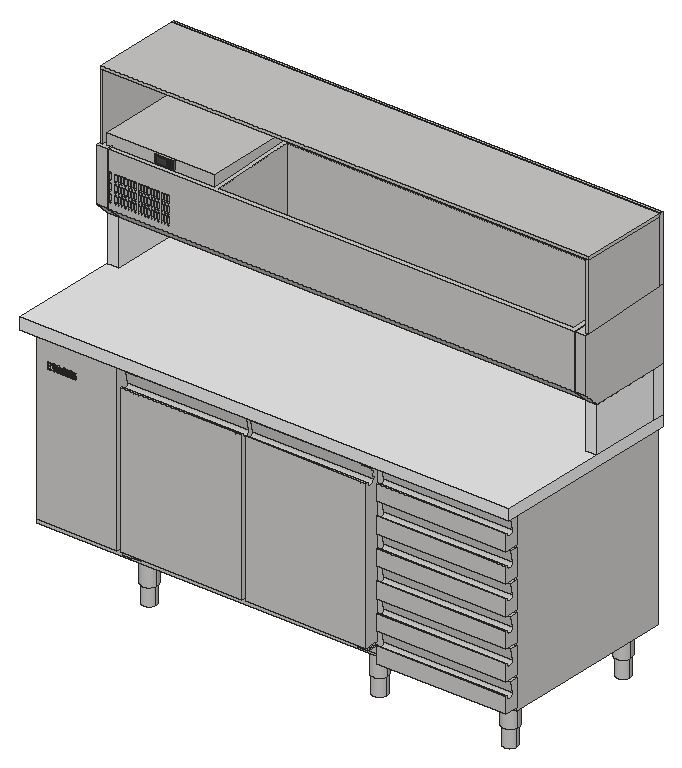
Revit family "QF_ELECTROLUXPROFESSIONAL_725188_RCSH2D6W", category Attrezzature speciali, Revit 2021 (continued)
Definition of nested family "ELX_REF_PZ"
  Automatic sketch dimensions
    Split face 107 sketch curve to Extrusion 2 = 98.456 mm
    Split face 107 sketch curve to Split face 107 sketch curve = 42 mm
    Split face 107 sketch curve to Split face 107 sketch curve = 4 mm
    Split face 108 sketch curve to Extrusion 2 = 44.174 mm
    Split face 108 sketch curve to Extrusion 2 = 140.544 mm
    Split face 108 sketch curve to Split face 108 sketch curve = 42 mm
    Split face 108 sketch curve to Split face 108 sketch curve = 4 mm
    Split face 109 sketch curve to Extrusion 2 = 43.456 mm
    Split face 109 sketch curve to Split face 109 sketch curve = 42 mm
    Split face 109 sketch curve to Extrusion 2 = 24.174 mm
    Split face 109 sketch curve to Split face 109 sketch curve = 4 mm
    Split face 110 sketch curve to Extrusion 2 = 32.174 mm
    Split face 110 sketch curve to Extrusion 2 = 85.544 mm
    Split face 110 sketch curve to Split face 110 sketch curve = 42 mm
    Split face 110 sketch curve to Split face 110 sketch curve = 4 mm
    Split face 111 sketch curve to Extrusion 2 = 32.174 mm
    Split face 111 sketch curve to Extrusion 2 = 98.456 mm
    Split face 111 sketch curve to Split face 111 sketch curve = 42 mm
    Split face 111 sketch curve to Split face 111 sketch curve = 4 mm
    Split face 112 sketch curve to Extrusion 2 = 32.174 mm
    Split face 112 sketch curve to Extrusion 2 = 140.544 mm
    Split face 112 sketch curve to Split face 112 sketch curve = 42 mm
    Split face 112 sketch curve to Split face 112 sketch curve = 4 mm
    Split face 113 sketch curve to Extrusion 2 = 20.174 mm
    Split face 113 sketch curve to Extrusion 2 = 43.456 mm
    Split face 113 sketch curve to Extrusion 2 = 16.174 mm
    Split face 113 sketch curve to Split face 113 sketch curve = 42 mm
    Split face 114 sketch curve to Extrusion 2 = 20.174 mm
    Split face 114 sketch curve to Extrusion 2 = 85.544 mm
    Split face 114 sketch curve to Extrusion 2 = 16.174 mm
    Split face 114 sketch curve to Split face 114 sketch curve = 42 mm
    Split face 115 sketch curve to Extrusion 2 = 20.174 mm
    Split face 115 sketch curve to Extrusion 2 = 98.456 mm
    Split face 115 sketch curve to Extrusion 2 = 16.174 mm
    Split face 115 sketch curve to Split face 115 sketch curve = 42 mm
    Split face 116 sketch curve to Extrusion 2 = 20.174 mm
    Split face 116 sketch curve to Extrusion 2 = 140.544 mm
    Split face 116 sketch curve to Extrusion 2 = 16.174 mm
    Split face 116 sketch curve to Split face 116 sketch curve = 42 mm
    plane 4 to Extrusion 3 sketch curve = 41.175 mm
    Extrusion 3 sketch curve to Extrusion 3 sketch curve = 0.751 mm
    Extrusion 3 sketch curve to Extrusion 3 sketch curve = 0 mm  (x2)
    Extrusion 3 sketch curve to Extrusion 3 sketch curve = 3.578 mm  (x2)
    Extrusion 3 sketch curve to Extrusion 3 sketch curve = 3.275 mm
    Extrusion 3 sketch curve to Extrusion 3 sketch curve = 6.852 mm
    Extrusion 3 sketch curve to Extrusion 3 sketch curve = 0.043 mm
    Extrusion 3 sketch curve to Extrusion 3 sketch curve = 0.219 mm
    Extrusion 3 sketch curve to Extrusion 3 sketch curve = 9.372 mm
    Extrusion 3 sketch curve to Extrusion 3 sketch curve = 1.81 mm
    Extrusion 3 sketch curve to Extrusion 3 sketch curve = 1.007 mm
    Extrusion 3 sketch curve to Extrusion 3 sketch curve = 8.073 mm
    Extrusion 3 sketch curve to plane 6 = 95.822 mm
    Extrusion 3 sketch curve to Extrusion 3 sketch curve = 0.871 mm
    Extrusion 3 sketch curve to Extrusion 3 sketch curve = 0.95 mm
    Extrusion 3 sketch curve to Extrusion 3 sketch curve = 0.254 mm
    Extrusion 3 sketch curve to Extrusion 3 sketch curve = 1.688 mm
    Extrusion 3 sketch curve to Extrusion 3 sketch curve = 0.135 mm
    Extrusion 3 sketch curve to Extrusion 3 sketch curve = 0.034 mm
    Extrusion 3 sketch curve to Extrusion 3 sketch curve = 1.148 mm
    Extrusion 3 sketch curve to Extrusion 3 sketch curve = 1.433 mm
    Extrusion 3 sketch curve to Extrusion 3 sketch curve = 1.08 mm
    Extrusion 4 sketch curve to Extrusion 4 sketch curve = 0 mm  (x43)
    plane 4 to Extrusion 4 sketch curve = 68.112 mm
    Extrusion 4 sketch curve to Extrusion 4 sketch curve = 0.486 mm
    Extrusion 4 sketch curve to Extrusion 4 sketch curve = 0.902 mm  (x2)
    Extrusion 4 sketch curve to Extrusion 4 sketch curve = 0.712 mm  (x2)
    Extrusion 4 sketch curve to Extrusion 4 sketch curve = 0.746 mm
    Extrusion 4 sketch curve to Extrusion 4 sketch curve = 0.211 mm  (x2)
    Extrusion 4 sketch curve to Extrusion 4 sketch curve = 0.039 mm  (x3)
    Extrusion 4 sketch curve to Extrusion 4 sketch curve = 2.066 mm  (x2)
    Extrusion 4 sketch curve to Extrusion 4 sketch curve = 1.275 mm
    Extrusion 4 sketch curve to Extrusion 4 sketch curve = 0.34 mm  (x2)
    Extrusion 4 sketch curve to Extrusion 4 sketch curve = 0.484 mm
    Extrusion 4 sketch curve to Extrusion 4 sketch curve = 4.585 mm
    Extrusion 4 sketch curve to Extrusion 4 sketch curve = 3.433 mm
    Extrusion 4 sketch curve to Extrusion 4 sketch curve = 0.322 mm
    Extrusion 4 sketch curve to Extrusion 4 sketch curve = 3.755 mm
    Extrusion 4 sketch curve to Extrusion 4 sketch curve = 0.063 mm
    Extrusion 4 sketch curve to Extrusion 4 sketch curve = 0.088 mm
    Extrusion 4 sketch curve to Extrusion 4 sketch curve = 0.873 mm
    Extrusion 4 sketch curve to Extrusion 4 sketch curve = 0.095 mm  (x2)
    Extrusion 4 sketch curve to Extrusion 4 sketch curve = 1.469 mm
    Extrusion 4 sketch curve to Extrusion 4 sketch curve = 0.749 mm
    Extrusion 4 sketch curve to Extrusion 4 sketch curve = 1.612 mm
    Extrusion 4 sketch curve to Extrusion 4 sketch curve = 0.968 mm
    Extrusion 4 sketch curve to Extrusion 4 sketch curve = 2.067 mm
    Extrusion 4 sketch curve to Extrusion 4 sketch curve = 3.418 mm
    Extrusion 4 sketch curve to Extrusion 4 sketch curve = 0.052 mm  (x2)
    Extrusion 4 sketch curve to Extrusion 4 sketch curve = 5.299 mm
    Extrusion 4 sketch curve to Extrusion 4 sketch curve = 2.01 mm
    Extrusion 4 sketch curve to Extrusion 4 sketch curve = 0.074 mm
    Extrusion 4 sketch curve to Extrusion 4 sketch curve = 0.217 mm
    Extrusion 4 sketch curve to Extrusion 4 sketch curve = 0.033 mm  (x2)
    Extrusion 4 sketch curve to Extrusion 4 sketch curve = 0.145 mm
    Extrusion 4 sketch curve to Extrusion 4 sketch curve = 0.084 mm
    Extrusion 4 sketch curve to Extrusion 4 sketch curve = 0.151 mm
    Extrusion 4 sketch curve to Extrusion 4 sketch curve = 0.248 mm
    Extrusion 4 sketch curve to Extrusion 4 sketch curve = 1.98 mm
    Extrusion 4 sketch curve to Extrusion 4 sketch curve = 0.298 mm
    Extrusion 4 sketch curve to Extrusion 4 sketch curve = 5.699 mm
    Extrusion 4 sketch curve to Extrusion 4 sketch curve = 1.224 mm  (x2)
    Extrusion 4 sketch curve to Extrusion 4 sketch curve = 0.88 mm  (x2)
    Extrusion 4 sketch curve to Extrusion 4 sketch curve = 1.778 mm
    Extrusion 4 sketch curve to Extrusion 4 sketch curve = 1.562 mm
    Extrusion 4 sketch curve to Extrusion 4 sketch curve = 0.15 mm
    Extrusion 4 sketch curve to Extrusion 4 sketch curve = 3.5 mm
    Extrusion 4 sketch curve to Extrusion 4 sketch curve = 5.704 mm
    Extrusion 4 sketch curve to Extrusion 4 sketch curve = 0.036 mm
    Extrusion 4 sketch curve to Extrusion 4 sketch curve = 0.085 mm
    Extrusion 4 sketch curve to Extrusion 4 sketch curve = 0.14 mm
    Extrusion 4 sketch curve to Extrusion 4 sketch curve = 0.141 mm
    Extrusion 4 sketch curve to Extrusion 4 sketch curve = 0.853 mm  (x3)
    Extrusion 4 sketch curve to Extrusion 4 sketch curve = 0.182 mm
    Extrusion 4 sketch curve to Extrusion 4 sketch curve = 0.475 mm
    Extrusion 4 sketch curve to Extrusion 4 sketch curve = 0.08 mm
    Extrusion 4 sketch curve to Extrusion 4 sketch curve = 0.351 mm
    Extrusion 4 sketch curve to Extrusion 4 sketch curve = 0.833 mm
    Extrusion 4 sketch curve to Extrusion 4 sketch curve = 0.115 mm
    Extrusion 4 sketch curve to Extrusion 4 sketch curve = 0.155 mm
    Extrusion 4 sketch curve to Extrusion 4 sketch curve = 2.112 mm
    Extrusion 4 sketch curve to Extrusion 4 sketch curve = 2.087 mm
    Extrusion 4 sketch curve to Extrusion 4 sketch curve = 1.291 mm  (x2)
    Extrusion 4 sketch curve to Extrusion 4 sketch curve = 1.298 mm  (x2)
    Extrusion 4 sketch curve to Extrusion 4 sketch curve = 2.062 mm
    Extrusion 4 sketch curve to Extrusion 4 sketch curve = 1.27 mm
    Extrusion 4 sketch curve to Extrusion 4 sketch curve = 1.104 mm  (x2)
    Extrusion 4 sketch curve to Extrusion 4 sketch curve = 0.11 mm  (x2)
    Extrusion 4 sketch curve to Extrusion 4 sketch curve = 0.726 mm  (x2)
    Extrusion 4 sketch curve to Extrusion 4 sketch curve = 0.791 mm  (x2)
    Extrusion 4 sketch curve to Extrusion 4 sketch curve = 0.798 mm  (x2)
    Extrusion 4 sketch curve to Extrusion 4 sketch curve = 0.022 mm  (x2)
    Extrusion 4 sketch curve to Extrusion 4 sketch curve = 0.008 mm  (x2)
    Extrusion 4 sketch curve to Extrusion 4 sketch curve = 0.066 mm  (x2)
    Extrusion 4 sketch curve to Extrusion 4 sketch curve = 3.337 mm
    Extrusion 4 sketch curve to Extrusion 4 sketch curve = 0.073 mm  (x2)
    Extrusion 4 sketch curve to Extrusion 4 sketch curve = 0.077 mm  (x2)
    Extrusion 4 sketch curve to Extrusion 4 sketch curve = 0.108 mm  (x2)
    Extrusion 4 sketch curve to Extrusion 4 sketch curve = 0.006 mm  (x2)
    Extrusion 4 sketch curve to Extrusion 4 sketch curve = 0.037 mm  (x2)
    Extrusion 4 sketch curve to Extrusion 4 sketch curve = 0.1 mm  (x2)
    Extrusion 4 sketch curve to Extrusion 4 sketch curve = 0.032 mm  (x2)
    Extrusion 4 sketch curve to Extrusion 4 sketch curve = 0.715 mm  (x2)
    Extrusion 4 sketch curve to Extrusion 4 sketch curve = 0.474 mm  (x2)
    Extrusion 4 sketch curve to Extrusion 4 sketch curve = 1.427 mm
    Extrusion 4 sketch curve to Extrusion 4 sketch curve = 0.277 mm
    Extrusion 4 sketch curve to Extrusion 4 sketch curve = 0.075 mm
    Extrusion 4 sketch curve to Extrusion 4 sketch curve = 1.877 mm
    Extrusion 4 sketch curve to Extrusion 4 sketch curve = 0.489 mm
    Extrusion 4 sketch curve to Extrusion 4 sketch curve = 1.452 mm
    Extrusion 4 sketch curve to Extrusion 4 sketch curve = 5.113 mm
    Extrusion 4 sketch curve to Extrusion 4 sketch curve = 1.701 mm
    Extrusion 4 sketch curve to Extrusion 4 sketch curve = 2.435 mm
    Extrusion 4 sketch curve to Extrusion 4 sketch curve = 2.05 mm
    Extrusion 4 sketch curve to Extrusion 4 sketch curve = 2.451 mm
    Extrusion 4 sketch curve to Extrusion 4 sketch curve = 0.113 mm
    Extrusion 4 sketch curve to Extrusion 4 sketch curve = 0.156 mm
    Extrusion 4 sketch curve to Extrusion 4 sketch curve = 0.639 mm
    Extrusion 4 sketch curve to Extrusion 4 sketch curve = 4.839 mm
    Extrusion 4 sketch curve to Extrusion 4 sketch curve = 5.054 mm
    Extrusion 4 sketch curve to Extrusion 4 sketch curve = 5.749 mm
    Extrusion 4 sketch curve to Extrusion 4 sketch curve = 6.008 mm
    Extrusion 4 sketch curve to Extrusion 4 sketch curve = 2.068 mm
    Extrusion 4 sketch curve to Extrusion 4 sketch curve = 1.577 mm
    Extrusion 4 sketch curve to Extrusion 4 sketch curve = 1.581 mm
    Extrusion 4 sketch curve to Extrusion 4 sketch curve = 0.829 mm  (x2)
    Extrusion 4 sketch curve to Extrusion 4 sketch curve = 0.862 mm
    Extrusion 4 sketch curve to Extrusion 4 sketch curve = 2.085 mm
    Extrusion 4 sketch curve to Extrusion 4 sketch curve = 1.897 mm
    Extrusion 4 sketch curve to Extrusion 4 sketch curve = 1.59 mm  (x2)
    Extrusion 4 sketch curve to Extrusion 4 sketch curve = 0.24 mm  (x2)
    Extrusion 4 sketch curve to Extrusion 4 sketch curve = 0.129 mm
    Extrusion 4 sketch curve to Extrusion 4 sketch curve = 3.384 mm
    Extrusion 4 sketch curve to Extrusion 4 sketch curve = 0.916 mm
    Extrusion 4 sketch curve to Extrusion 4 sketch curve = 2.084 mm
    Extrusion 4 sketch curve to Extrusion 4 sketch curve = 0.404 mm  (x2)
    Extrusion 4 sketch curve to Extrusion 4 sketch curve = 0.303 mm
    Extrusion 4 sketch curve to Extrusion 4 sketch curve = 0.341 mm
    Extrusion 4 sketch curve to Extrusion 4 sketch curve = 0.953 mm
    Extrusion 4 sketch curve to Extrusion 4 sketch curve = 0.399 mm
    Extrusion 4 sketch curve to Extrusion 4 sketch curve = 1.249 mm
    Extrusion 4 sketch curve to Extrusion 4 sketch curve = 0.8 mm
    Extrusion 4 sketch curve to Extrusion 4 sketch curve = 0.81 mm
    Extrusion 4 sketch curve to Extrusion 4 sketch curve = 0.383 mm
    Extrusion 4 sketch curve to Extrusion 4 sketch curve = 2.222 mm
    Extrusion 4 sketch curve to Extrusion 4 sketch curve = 0.917 mm
    Extrusion 4 sketch curve to Extrusion 4 sketch curve = 2.236 mm
    Extrusion 4 sketch curve to Extrusion 4 sketch curve = 0.766 mm
    Extrusion 4 sketch curve to Extrusion 4 sketch curve = 1.106 mm
    Extrusion 4 sketch curve to Extrusion 4 sketch curve = 1.113 mm
    Extrusion 4 sketch curve to Extrusion 4 sketch curve = 1.185 mm
    Extrusion 4 sketch curve to Extrusion 4 sketch curve = 5.134 mm
    Extrusion 4 sketch curve to Extrusion 4 sketch curve = 1.901 mm
    Extrusion 4 sketch curve to Extrusion 4 sketch curve = 2.221 mm
    Extrusion 4 sketch curve to Extrusion 4 sketch curve = 1.595 mm
    Extrusion 4 sketch curve to Extrusion 4 sketch curve = 2.256 mm
    Extrusion 4 sketch curve to Extrusion 4 sketch curve = 2.208 mm
    Extrusion 4 sketch curve to plane 6 = 100.072 mm
    Extrusion 4 sketch curve to Extrusion 4 sketch curve = 3.027 mm  (x2)
    Extrusion 4 sketch curve to Extrusion 4 sketch curve = 5.095 mm
    Extrusion 4 sketch curve to Extrusion 4 sketch curve = 2.072 mm  (x2)
    Extrusion 4 sketch curve to Extrusion 4 sketch curve = 0.784 mm  (x3)
    Extrusion 4 sketch curve to Extrusion 4 sketch curve = 0.895 mm
    Extrusion 4 sketch curve to Extrusion 4 sketch curve = 2.972 mm  (x2)
    Extrusion 4 sketch curve to Extrusion 4 sketch curve = 0.172 mm  (x4)
    Extrusion 4 sketch curve to Extrusion 4 sketch curve = 0.259 mm  (x2)
    Extrusion 4 sketch curve to Extrusion 4 sketch curve = 0.012 mm  (x4)
    Extrusion 4 sketch curve to Extrusion 4 sketch curve = 0.543 mm
    Extrusion 4 sketch curve to Extrusion 4 sketch curve = 0.338 mm  (x2)
    Extrusion 4 sketch curve to Extrusion 4 sketch curve = 1.429 mm  (x2)
    Extrusion 4 sketch curve to Extrusion 4 sketch curve = 1.451 mm
    Extrusion 4 sketch curve to Extrusion 4 sketch curve = 1.461 mm
    Extrusion 4 sketch curve to Extrusion 4 sketch curve = 0.382 mm  (x2)
    Extrusion 4 sketch curve to Extrusion 4 sketch curve = 0.257 mm
    Extrusion 4 sketch curve to Extrusion 4 sketch curve = 0.094 mm  (x2)
    Extrusion 4 sketch curve to Extrusion 4 sketch curve = 0.06 mm  (x2)
    Extrusion 4 sketch curve to Extrusion 4 sketch curve = 0.851 mm
    Extrusion 4 sketch curve to Extrusion 4 sketch curve = 0.321 mm
    Extrusion 4 sketch curve to Extrusion 4 sketch curve = 2.075 mm
    Extrusion 4 sketch curve to Extrusion 4 sketch curve = 2.073 mm
    Extrusion 4 sketch curve to Extrusion 4 sketch curve = 0.466 mm  (x2)
    Extrusion 4 sketch curve to Extrusion 4 sketch curve = 0.815 mm  (x2)
    Extrusion 4 sketch curve to Extrusion 4 sketch curve = 0.93 mm
    Extrusion 4 sketch curve to Extrusion 4 sketch curve = 0.261 mm  (x2)
    Extrusion 4 sketch curve to Extrusion 4 sketch curve = 0.136 mm  (x2)
    Extrusion 4 sketch curve to Extrusion 4 sketch curve = 1.147 mm
    Extrusion 4 sketch curve to Extrusion 4 sketch curve = 0.911 mm
    Extrusion 4 sketch curve to Extrusion 4 sketch curve = 0.16 mm  (x2)
    Extrusion 4 sketch curve to Extrusion 4 sketch curve = 0.533 mm  (x2)
    Extrusion 4 sketch curve to Extrusion 4 sketch curve = 0.002 mm  (x2)
    Extrusion 4 sketch curve to Extrusion 4 sketch curve = 0.267 mm  (x2)
    Extrusion 4 sketch curve to Extrusion 4 sketch curve = 0.327 mm  (x2)
    Extrusion 4 sketch curve to Extrusion 4 sketch curve = 0.014 mm  (x2)
    Extrusion 4 sketch curve to Extrusion 4 sketch curve = 0.876 mm
    Extrusion 4 sketch curve to Extrusion 4 sketch curve = 0.817 mm
    Extrusion 4 sketch curve to Extrusion 4 sketch curve = 0.623 mm  (x2)
    Extrusion 4 sketch curve to Extrusion 4 sketch curve = 1.539 mm  (x2)
    Extrusion 4 sketch curve to Extrusion 4 sketch curve = 3.363 mm
    Extrusion 4 sketch curve to Extrusion 4 sketch curve = 0.894 mm
    Extrusion 4 sketch curve to Extrusion 4 sketch curve = 0.783 mm
    Extrusion 4 sketch curve to Extrusion 4 sketch curve = 1.49 mm
    Extrusion 4 sketch curve to Extrusion 4 sketch curve = 0.525 mm
    Extrusion 4 sketch curve to Extrusion 4 sketch curve = 0.838 mm
    Extrusion 4 sketch curve to Extrusion 4 sketch curve = 4.901 mm
    Extrusion 4 sketch curve to Extrusion 4 sketch curve = 4.972 mm
    Extrusion 4 sketch curve to Extrusion 4 sketch curve = 0.005 mm
    Extrusion 4 sketch curve to Extrusion 4 sketch curve = 4.975 mm  (x2)
    Extrusion 4 sketch curve to Extrusion 4 sketch curve = 1.317 mm
    Extrusion 4 sketch curve to Extrusion 4 sketch curve = 6.315 mm
    Extrusion 4 sketch curve to Extrusion 4 sketch curve = 1.936 mm
    Extrusion 4 sketch curve to Extrusion 4 sketch curve = 1.942 mm
    Extrusion 4 sketch curve to Extrusion 4 sketch curve = 3.057 mm
    Extrusion 4 sketch curve to Extrusion 4 sketch curve = 3.445 mm
    Extrusion 4 sketch curve to Extrusion 4 sketch curve = 0.044 mm
    Extrusion 4 sketch curve to Extrusion 4 sketch curve = 1.561 mm
    Extrusion 4 sketch curve to Extrusion 4 sketch curve = 3.53 mm
    Extrusion 4 sketch curve to Extrusion 4 sketch curve = 0.167 mm
    Extrusion 4 sketch curve to Extrusion 4 sketch curve = 1.153 mm
    Extrusion 4 sketch curve to Extrusion 4 sketch curve = 0.128 mm
    Extrusion 4 sketch curve to Extrusion 4 sketch curve = 2.488 mm
    Extrusion 4 sketch curve to Extrusion 4 sketch curve = 1.267 mm
    Extrusion 4 sketch curve to Extrusion 4 sketch curve = 0.114 mm
    Extrusion 4 sketch curve to Extrusion 4 sketch curve = 0.153 mm
    Extrusion 4 sketch curve to Extrusion 4 sketch curve = 4.063 mm
    Extrusion 4 sketch curve to Extrusion 4 sketch curve = 1.541 mm
    Extrusion 4 sketch curve to Extrusion 4 sketch curve = 0.165 mm
    Extrusion 4 sketch curve to Extrusion 4 sketch curve = 0.017 mm
    Extrusion 4 sketch curve to Extrusion 4 sketch curve = 0.275 mm
    Extrusion 4 sketch curve to Extrusion 4 sketch curve = 0.105 mm
    Extrusion 4 sketch curve to Extrusion 4 sketch curve = 0.054 mm
    Extrusion 4 sketch curve to Extrusion 4 sketch curve = 0.717 mm
    Extrusion 4 sketch curve to Extrusion 4 sketch curve = 0.013 mm
    Extrusion 4 sketch curve to Extrusion 4 sketch curve = 0.499 mm
    Extrusion 4 sketch curve to Extrusion 4 sketch curve = 1.549 mm
    Extrusion 4 sketch curve to Extrusion 4 sketch curve = 0.083 mm
    Extrusion 4 sketch curve to Extrusion 4 sketch curve = 1.597 mm
    Extrusion 4 sketch curve to Extrusion 4 sketch curve = 0.314 mm
    Extrusion 4 sketch curve to Extrusion 4 sketch curve = 0.007 mm
    Extrusion 4 sketch curve to Extrusion 4 sketch curve = 0.316 mm
    Extrusion 4 sketch curve to Extrusion 4 sketch curve = 1.717 mm
    Extrusion 4 sketch curve to Extrusion 4 sketch curve = 1.453 mm
    Extrusion 4 sketch curve to Extrusion 4 sketch curve = 1.278 mm
    Extrusion 4 sketch curve to Extrusion 4 sketch curve = 1.499 mm
    Extrusion 4 sketch curve to Extrusion 4 sketch curve = 1.664 mm
    Extrusion 4 sketch curve to Extrusion 4 sketch curve = 2.97 mm
    Extrusion 4 sketch curve to Extrusion 4 sketch curve = 0.961 mm
    Extrusion 4 sketch curve to Extrusion 4 sketch curve = 1.95 mm
    Extrusion 4 sketch curve to Extrusion 4 sketch curve = 1.234 mm
    Extrusion 4 sketch curve to Extrusion 4 sketch curve = 2.576 mm  (x2)
    Extrusion 4 sketch curve to Extrusion 4 sketch curve = 5.237 mm
    Extrusion 4 sketch curve to Extrusion 4 sketch curve = 1.878 mm
    Extrusion 4 sketch curve to Extrusion 4 sketch curve = 2.838 mm
    Extrusion 4 sketch curve to Extrusion 4 sketch curve = 3.322 mm
    Extrusion 4 sketch curve to Extrusion 4 sketch curve = 1.944 mm
    Extrusion 4 sketch curve to Extrusion 4 sketch curve = 3.321 mm
    Extrusion 4 sketch curve to Extrusion 4 sketch curve = 1.15 mm
    Extrusion 4 sketch curve to Extrusion 4 sketch curve = 2.06 mm
    Extrusion 4 sketch curve to Extrusion 4 sketch curve = 1.066 mm  (x2)
    Extrusion 4 sketch curve to Extrusion 4 sketch curve = 0.235 mm  (x2)
    Extrusion 4 sketch curve to Extrusion 4 sketch curve = 0.435 mm  (x2)
    Extrusion 4 sketch curve to Extrusion 4 sketch curve = 0.238 mm  (x2)
    Extrusion 4 sketch curve to Extrusion 4 sketch curve = 0.045 mm  (x2)
    Extrusion 4 sketch curve to Extrusion 4 sketch curve = 0.289 mm  (x2)
    Extrusion 4 sketch curve to Extrusion 4 sketch curve = 0.024 mm  (x2)
    Extrusion 4 sketch curve to Extrusion 4 sketch curve = 0.841 mm  (x2)
    Extrusion 4 sketch curve to Extrusion 4 sketch curve = 4.599 mm
    Extrusion 4 sketch curve to Extrusion 4 sketch curve = 1.812 mm
    Split face 117 sketch curve to Extrusion 2 = 0 mm  (x2)
    Split face 117 sketch curve to Extrusion 2 = 110 mm
    Split face 118 sketch curve to Extrusion 2 = 0 mm  (x2)
    Split face 118 sketch curve to Split face 118 sketch curve = 19.431 mm
    Split face 118 sketch curve to Split face 118 sketch curve = 13 mm  (x2)
    Split face 118 sketch curve to Split face 118 sketch curve = 80 mm
    Split face 118 sketch curve to Extrusion 2 = 65 mm
    Split face 118 sketch curve to Split face 118 sketch curve = 5 mm  (x2)
    Split face 119 sketch curve to Extrusion 2 = 0 mm  (x2)
    Split face 119 sketch curve to Extrusion 2 = 55 mm
    Split face 120 sketch curve to Extrusion 2 = 95.864 mm
    Split face 120 sketch curve to Extrusion 2 = 115.88 mm
    Split face 120 sketch curve to Extrusion 2 = 45.88 mm
    Split face 120 sketch curve to Split face 120 sketch curve = 29.518 mm
    Split face 121 sketch curve to Extrusion 2 = 92.864 mm
    Split face 121 sketch curve to Extrusion 2 = 112.88 mm
    Split face 121 sketch curve to Split face 121 sketch curve = 41.575 mm
    Split face 121 sketch curve to Split face 121 sketch curve = 23.518 mm
    Split face 122 sketch curve to Extrusion 2 = 67.88 mm
    Split face 122 sketch curve to Split face 122 sketch curve = 8 mm
    Split face 122 sketch curve to Split face 122 sketch curve = 11 mm
    Split face 122 sketch curve to Extrusion 2 = 80.346 mm
    Split face 123 sketch curve to Extrusion 2 = 56.868 mm
    Split face 123 sketch curve to Split face 123 sketch curve = 8 mm
    Split face 123 sketch curve to Extrusion 2 = 80.346 mm
    Split face 123 sketch curve to Split face 123 sketch curve = 11 mm
    Split face 124 sketch curve to Extrusion 2 = 67.88 mm
    Split face 124 sketch curve to Split face 124 sketch curve = 8 mm
    Split face 124 sketch curve to Extrusion 2 = 92.864 mm
    Split face 124 sketch curve to Split face 124 sketch curve = 11 mm
    Split face 125 sketch curve to Extrusion 2 = 56.868 mm
    Split face 125 sketch curve to Split face 125 sketch curve = 8 mm
    Split face 125 sketch curve to Extrusion 2 = 92.864 mm
    Split face 125 sketch curve to Split face 125 sketch curve = 11 mm
    radius of Extrusion 4 sketch curve = 2.156 mm
    radius of Extrusion 4 sketch curve = 1.368 mm
    radius of Extrusion 4 sketch curve = 1.29 mm
    radius of Extrusion 4 sketch curve = 2.154 mm
Definition of nested family "SD_L_PZ"
  Parameters
    Show Clearance [instance] = yes
    Default Elevation = 1219.2 mm
  Reference planes
    plane 1 "Center (Front/Back)": y = 28.12
    plane 2: z = 0
    plane 3 "Center (Left/Right)": x = 0
    plane 4: x = -234
    plane 5: x = 234
  Forms (mm)
    Extrusion 1, solid
      sketch origin (0, 0, 0) x (1, 0, 0) y (0, 1, 0)
        loop
          line (-1219.2, 1219.2) -> (-1219.2, -1219.2) -> (1219.2, -1219.2) -> (1219.2, 1219.2) -> (-1219.2, 1219.2)
      from 0 to -304.8
    Extrusion 2, solid
      sketch origin (0, 53.12, -3) x (0, 1, 0) y (0, 0, 1)
        loop
          line (-314, 53) -> (-314, 3) -> (264, 3) -> (264, 29) -> (224.395, 20)
          arc (224.395, 20) -> (210.396, 33.803) -> (224, 47.994) r 14
          line (224, 47.994) -> (224, 53) -> (-314, 53)
      from -220 to 220
    Extrusion 3, solid
      sketch origin (0, 53.12, 0) x (0, 1, 0) y (0, 0, -1)
        loop
          line (-323.003, -40.312) -> (-323.003, -12.259) -> (-323.003, 0) -> (-351.511, 0) -> (-351.511, -2.5) -> (-325.503, -2.5) -> (-325.503, -42.812) -> (-316.501, -42.812) -> (-316.501, -40.312) -> (-323.003, -40.312)
        loop
          line (-314, -38.311) -> (-314, -11.804) -> (-319.752, -11.804) -> (-319.752, -14.304) -> (-316.501, -14.304) -> (-316.501, -38.311) -> (-314, -38.311)
        loop
          line (265.003, -27.948) -> (267.503, -27.948) -> (267.503, -2.5) -> (277.503, -2.5) -> (277.503, 0) -> (265.003, 0) -> (265.003, -2.948) -> (265.003, -27.948)
      from 185 to 220
    Extrusion 4, solid, visible <- "Show Clearance", detail levels coarse
      sketch origin (0, 28.12, -3) x (-1, 0, 0) y (0, 0, -1)
        loop
          line (220, -53) -> (-220, -53)
          arc (-220, -53) -> (-79.636, -340.04) -> (220, -451) r 430
          line (220, -451) -> (220, -53)
      from -289 to 289
  Lines and regions (mm)
    symbolic lines
      curve 1: arc (219.599, 0, 55) -> (95.934, 0, 321.503) -> (-170, 0, 446.39) r 430
      curve 2: line (-220, 0, 55) -> (-220, 0, 448)
      curve 3: line (-170, 0, 55) -> (-170, 0, 448)
      curve 4: line (-220, 0, 448) -> (-170, 0, 448)
  Dimensions and locks
    plane 4 to plane 3 "Center (Left/Right)" to plane 5 = 234 mm locked, 234 mm locked
    aligned and locked: plane 2 to Extrusion 1
    aligned and locked: level to Extrusion 1
Definition of nested family "SD_R_PZ"
  Parameters
    Show Clearance [instance] = yes
    Default Elevation = 1219.2 mm
  Reference planes
    plane 1 "Center (Front/Back)": y = 28.12
    plane 2: z = 0
    plane 3 "Center (Left/Right)": x = 0
    plane 4: x = -234
    plane 5: x = 234
  Forms (mm)
    Extrusion 1, solid
      sketch origin (0, 0, 0) x (1, 0, 0) y (0, 1, 0)
        loop
          line (-1219.2, 1219.2) -> (-1219.2, -1219.2) -> (1219.2, -1219.2) -> (1219.2, 1219.2) -> (-1219.2, 1219.2)
      from 0 to -304.8
    Extrusion 2, solid
      sketch origin (0, 53.12, -3) x (0, 1, 0) y (0, 0, 1)
        loop
          line (-314, 53) -> (-314, 3) -> (264, 3) -> (264, 29) -> (224.395, 20)
          arc (224.395, 20) -> (210.396, 33.803) -> (224, 47.994) r 14
          line (224, 47.994) -> (224, 53) -> (-314, 53)
      from -220 to 220
    Extrusion 3, solid, visible <- "Show Clearance", detail levels coarse
      sketch origin (0, 28.12, -3) x (-1, 0, 0) y (0, 0, -1)
        loop
          line (220, -53) -> (-220, -53) -> (-220, -451)
          arc (-220, -451) -> (79.636, -340.04) -> (220, -53) r 430
      from -289 to 289
    Extrusion 4, solid
      sketch origin (0, 53.12, 0) x (0, 1, 0) y (0, 0, 1)
        loop
          line (-323.003, 40.312) -> (-316.501, 40.312) -> (-316.501, 42.812) -> (-325.503, 42.812) -> (-325.503, 2.5) -> (-351.511, 2.5) -> (-351.511, 0) -> (-323.003, 0) -> (-323.003, 12.259) -> (-323.003, 40.312)
        loop
          line (-314, 38.311) -> (-316.501, 38.311) -> (-316.501, 14.304) -> (-319.752, 14.304) -> (-319.752, 11.804) -> (-314, 11.804) -> (-314, 38.311)
        loop
          line (265.003, 27.948) -> (265.003, 2.948) -> (265.003, 0) -> (277.503, 0) -> (277.503, 2.5) -> (267.503, 2.5) -> (267.503, 27.948) -> (265.003, 27.948)
      from 185 to 220
  Lines and regions (mm)
    symbolic lines
      curve 1: arc (-219.599, 0, 54.79) -> (-95.934, 0, 321.293) -> (170, 0, 446.179) r 430
      curve 2: line (220, 0, 54.79) -> (220, 0, 447.79)
      curve 3: line (170, 0, 54.79) -> (170, 0, 447.79)
      curve 4: line (220, 0, 447.79) -> (170, 0, 447.79)
  Dimensions and locks
    plane 4 to plane 3 "Center (Left/Right)" to plane 5 = 234 mm locked, 234 mm locked
    aligned and locked: plane 2 to Extrusion 1
    aligned and locked: level to Extrusion 1
Definition of nested family "PZ_DISPLAY"
  Parameters
    Show Logo [instance] = yes
    Default Elevation = 1219.2 mm
  Reference planes
    plane 1 "Centro (Fronte/Retro)": y = 0
    plane 2: z = 0
    plane 3 "Centro (Sinistra/Destra)": x = 0
  Forms (mm)
    Extrusion 1, solid
      sketch origin (0, 0, 0) x (1, 0, 0) y (0, 1, 0)
        loop
          line (-1219.2, 1219.2) -> (-1219.2, -1219.2) -> (1219.2, -1219.2) -> (1219.2, 1219.2) -> (-1219.2, 1219.2)
      from 0 to -304.8
    Extrusion 2, solid
      sketch origin (0, -270.882, 0) x (1, 0, 0) y (0, 1, 0)
        loop
          line (-38.5, 305.882) -> (-38.5, 276.364) -> (31.5, 276.364) -> (31.5, 305.882) -> (-38.5, 305.882)
        loop
          line (9.5, 302.882) -> (9.5, 291.882) -> (17.5, 291.882) -> (17.5, 302.882) -> (9.5, 302.882)
        loop
          line (20.512, 302.882) -> (20.512, 291.882) -> (28.512, 291.882) -> (28.512, 302.882) -> (20.512, 302.882)
        loop
          line (20.512, 290.364) -> (20.512, 279.364) -> (28.512, 279.364) -> (28.512, 290.364) -> (20.512, 290.364)
        loop
          line (9.5, 290.364) -> (9.5, 279.364) -> (17.5, 279.364) -> (17.5, 290.364) -> (9.5, 290.364)
        loop
          line (-35.5, 302.882) -> (-35.5, 279.364) -> (6.075, 279.364) -> (6.075, 302.882) -> (-35.5, 302.882)
      from 0 to 4
    Extrusion 3, solid
      sketch origin (0, -270.882, 0) x (1, 0, 0) y (0, 1, 0)
        loop
          line (-35.5, 302.882) -> (-35.5, 279.364) -> (6.075, 279.364) -> (6.075, 302.882) -> (-35.5, 302.882)
      from 0 to 5
    Extrusion 4, solid
      sketch origin (0, -270.882, 0) x (1, 0, 0) y (0, 1, 0)
        loop
          line (9.5, 302.882) -> (9.5, 291.882) -> (17.5, 291.882) -> (17.5, 302.882) -> (9.5, 302.882)
        loop
          line (28.512, 291.882) -> (28.512, 302.882) -> (20.512, 302.882) -> (20.512, 291.882) -> (28.512, 291.882)
        loop
          line (9.5, 279.364) -> (17.5, 279.364) -> (17.5, 290.364) -> (9.5, 290.364) -> (9.5, 279.364)
        loop
          line (28.512, 279.364) -> (28.512, 290.364) -> (20.512, 290.364) -> (20.512, 279.364) -> (28.512, 279.364)
      from 0 to 4
  Dimensions and locks
    aligned and locked: plane 2 to Extrusion 1
    aligned and locked: level to Extrusion 1
Definition of nested family "6DRAWER_PZ"
  Parameters
    Show Clearance [instance] = yes
    Default Elevation = 1219.2 mm
  Reference planes
    plane 1 "Center (Front/Back)": y = 0
    plane 2: z = 0
    plane 3 "Center (Left/Right)": x = 0
    plane 4: x = -249
    plane 5: x = 249
    plane 6: z = 710
  Forms (mm)
    Extrusion 1, solid
      sketch origin (0, 0, 0) x (1, 0, 0) y (0, 1, 0)
        loop
          line (-1219.2, 1219.2) -> (-1219.2, -1219.2) -> (1219.2, -1219.2) -> (1219.2, 1219.2) -> (-1219.2, 1219.2)
      from 0 to -304.8
    Extrusion 2, solid
      sketch origin (0, 0, 0) x (0, 1, 0) y (0, 0, 1)
        loop
          line (-314, 50) -> (-314, 0) -> (-217.667, 0) -> (-217.667, 26) -> (-257.272, 17)
          arc (-257.272, 17) -> (-271.272, 31) -> (-257.272, 45) r 14
          line (-257.272, 45) -> (-257.272, 50) -> (-314, 50)
        loop
          line (-150.939, 45) -> (-150.939, 50) -> (-207.667, 50) -> (-207.667, 0) -> (-111.333, 0) -> (-111.333, 26) -> (-150.939, 17)
          arc (-150.939, 17) -> (-164.939, 31) -> (-150.939, 45) r 14
        loop
          line (217.667, 50) -> (217.667, 0) -> (314, 0) -> (314, 26) -> (274.395, 17)
          arc (274.395, 17) -> (260.395, 31) -> (274.395, 45) r 14
          line (274.395, 45) -> (274.395, 50) -> (217.667, 50)
        loop
          line (-101.333, 50) -> (-101.333, 0) -> (-5, 0) -> (-5, 26) -> (-44.605, 17)
          arc (-44.605, 17) -> (-58.605, 31) -> (-44.605, 45) r 14
          line (-44.605, 45) -> (-44.605, 50) -> (-101.333, 50)
        loop
          line (61.728, 45) -> (61.728, 50) -> (5, 50) -> (5, 0) -> (101.333, 0) -> (101.333, 26) -> (61.728, 17)
          arc (61.728, 17) -> (47.728, 31) -> (61.728, 45) r 14
        loop
          line (111.333, 50) -> (111.333, 0) -> (207.667, 0) -> (207.667, 26) -> (168.061, 17)
          arc (168.061, 17) -> (154.061, 31) -> (168.061, 45) r 14
          line (168.061, 45) -> (168.061, 50) -> (111.333, 50)
      from -235 to 235
    Extrusion 3, solid, visible <- "Show Clearance", detail levels coarse
      sketch origin (0, 0, 512) x (0, 1, 0) y (0, 0, 1)
        loop
          line (217.667, 198) -> (217.667, -462) -> (314, -462) -> (314, 174) -> (274.395, 165)
          arc (274.395, 165) -> (260.395, 179) -> (274.395, 193) r 14
          line (274.395, 193) -> (274.395, 198) -> (217.667, 198)
        loop
          line (111.333, 198) -> (111.333, -462) -> (207.667, -462) -> (207.667, 174) -> (168.061, 165)
          arc (168.061, 165) -> (154.061, 179) -> (168.061, 193) r 14
          line (168.061, 193) -> (168.061, 198) -> (111.333, 198)
        loop
          line (5, 198) -> (5, -462) -> (101.333, -462) -> (101.333, 174) -> (61.728, 165)
          arc (61.728, 165) -> (47.728, 179) -> (61.728, 193) r 14
          line (61.728, 193) -> (61.728, 198) -> (5, 198)
        loop
          line (-101.333, 198) -> (-101.333, -462) -> (-5, -462) -> (-5, 174) -> (-44.605, 165)
          arc (-44.605, 165) -> (-58.605, 179) -> (-44.605, 193) r 14
          line (-44.605, 193) -> (-44.605, 198) -> (-101.333, 198)
        loop
          line (-207.667, 198) -> (-207.667, -462) -> (-111.333, -462) -> (-111.333, 174) -> (-150.939, 165)
          arc (-150.939, 165) -> (-164.939, 179) -> (-150.939, 193) r 14
          line (-150.939, 193) -> (-150.939, 198) -> (-207.667, 198)
        loop
          line (-314, 198) -> (-314, -462) -> (-217.667, -462) -> (-217.667, 174) -> (-257.272, 165)
          arc (-257.272, 165) -> (-271.272, 179) -> (-257.272, 193) r 14
          line (-257.272, 193) -> (-257.272, 198) -> (-314, 198)
      from -235 to 235
  Lines and regions (mm)
    symbolic lines
      curve 1: line (220, 0, 95) -> (-220, 0, 95)
      curve 2: line (220, 0, 130) -> (-220, 0, 130)
      curve 3: line (220, 0, 211) -> (-220, 0, 211)
      curve 4: line (220, 0, 246) -> (-220, 0, 246)
      curve 5: line (220, 0, 327) -> (-220, 0, 327)
      curve 6: line (220, 0, 362) -> (-220, 0, 362)
      curve 7: line (220, 0, 362) -> (220, 0, 327)
      curve 8: line (-220, 0, 362) -> (-220, 0, 327)
      curve 9: line (-220, 0, 246) -> (-220, 0, 211)
      curve 10: line (220, 0, 246) -> (220, 0, 211)
      curve 11: line (220, 0, 130) -> (220, 0, 95)
      curve 12: line (-220, 0, 130) -> (-220, 0, 95)
      curve 13: line (190, 0, 246) -> (190, 0, 327)
      curve 14: line (-190, 0, 246) -> (-190, 0, 327)
      curve 15: line (190, 0, 130) -> (190, 0, 211)
      curve 16: line (-190, 0, 130) -> (-190, 0, 211)
      curve 17: line (190, 0, 55) -> (190, 0, 95)
      curve 18: line (-190, 0, 55) -> (-190, 0, 95)
      curve 19: line (220, 0, 443) -> (-220, 0, 443)
      curve 20: line (220, 0, 478) -> (-220, 0, 478)
      curve 21: line (220, 0, 559) -> (-220, 0, 559)
      curve 22: line (220, 0, 594) -> (-220, 0, 594)
      curve 23: line (220, 0, 675) -> (-220, 0, 675)
      curve 24: line (220, 0, 710) -> (-220, 0, 710)
      curve 25: line (220, 0, 710) -> (220, 0, 675)
      curve 26: line (-220, 0, 710) -> (-220, 0, 675)
      curve 27: line (-220, 0, 594) -> (-220, 0, 559)
      curve 28: line (220, 0, 594) -> (220, 0, 559)
      curve 29: line (220, 0, 478) -> (220, 0, 443)
      curve 30: line (-220, 0, 478) -> (-220, 0, 443)
      curve 31: line (190, 0, 594) -> (190, 0, 675)
      curve 32: line (-190, 0, 594) -> (-190, 0, 675)
      curve 33: line (190, 0, 478) -> (190, 0, 559)
      curve 34: line (-190, 0, 478) -> (-190, 0, 559)
      curve 35: line (190, 0, 362) -> (190, 0, 443)
      curve 36: line (-190, 0, 362) -> (-190, 0, 443)
  Dimensions and locks
    plane 4 to plane 3 "Center (Left/Right)" to plane 5 = 249 mm locked, 249 mm locked
    plane 6 to level = 710 mm
    aligned and locked: plane 2 to Extrusion 1
    aligned and locked: level to Extrusion 1
Definition of nested family "HP_Refrigerator"
  Reference planes
    plane 1 "Center (Front/Back)": y = 0
    plane 2: z = 0
    plane 3 "Center (Left/Right)": x = 0
  Lines and regions (mm)
    detail lines, in view "Ref. Level"
      curve 1: spline (-500, 190, 0) -> (-493.185, 166.706, 0) -> (-473.205, 145, 0) -> (-441.421, 126.36, 0) -> (-400, 112.058, 0) -> (-351.764, 103.067, 0) -> (-300, 100, 0) -> (-248.236, 103.067, 0) -> (-200, 112.058, 0) -> (-158.579, 126.36, 0) -> (-126.795, 145, 0) -> (-106.815, 166.706, 0) -> (-100, 190, 0) -> (-106.815, 213.294, 0) -> (-126.795, 235, 0) -> (-158.579, 253.64, 0) -> (-200, 267.942, 0) -> (-248.236, 276.933, 0) -> (-300, 280, 0) -> (-351.764, 276.933, 0) -> (-400, 267.942, 0) -> (-441.421, 253.64, 0) -> (-473.205, 235, 0) -> (-493.185, 213.294, 0) -> (-500, 190, 0)
      curve 2: line (-300, 130, 0) -> (-300, 250, 0)
      curve 3: line (-351.962, 220, 0) -> (-248.038, 160, 0)
      curve 4: line (-351.962, 160, 0) -> (-248.038, 220, 0)
      curve 5: line (-280.884, 246.873, 0) -> (-300, 225, 0)
      curve 6: line (-300, 225, 0) -> (-319.116, 246.873, 0)
      curve 7: line (-330.311, 207.5, 0) -> (-339.696, 234.992, 0)
      curve 8: line (-358.812, 201.882, 0) -> (-330.311, 207.5, 0)
      curve 9: line (-330.311, 172.5, 0) -> (-358.812, 178.118, 0)
      curve 10: line (-339.696, 145.008, 0) -> (-330.311, 172.5, 0)
      curve 11: line (-300, 155, 0) -> (-319.116, 133.127, 0)
      curve 12: line (-280.884, 133.127, 0) -> (-300, 155, 0)
      curve 13: line (-269.689, 172.5, 0) -> (-260.304, 145.008, 0)
      curve 14: line (-241.188, 178.118, 0) -> (-269.689, 172.5, 0)
      curve 15: line (-269.689, 207.5, 0) -> (-241.188, 201.882, 0)
      curve 16: line (-260.304, 234.992, 0) -> (-269.689, 207.5, 0)
